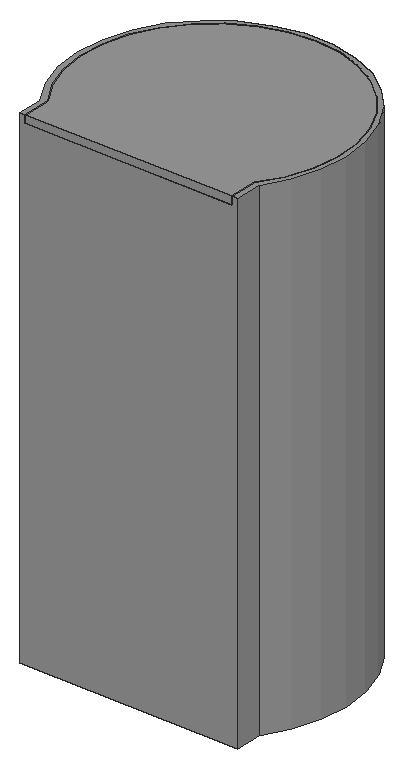
Revit family "3050 Bjørk Soap dispenser", category Furniture Systems, host Wall, Revit 2018
Family settings
  Host = Wall
  Round Connector Dimension = Use Diameter
  Part Type = Normal
  Always vertical = Yes
  Cut with Voids When Loaded = No
  Shared = No
  Room Calculation Point = No
Parameters (values of type "OSLO")
  URL = "http://www.dandryer.dk/da-dk/produkter/produktserie-%E2%80%93-bjork/3050-bjork-dispenser-flydende-saebe-desinfektion--hvid"
  Type Image = <None>
  Surface Top = OSLO
  Surface Front = WHITE
  Model = "Björk-3050"
  Manufacturer = "Dan Dryer"
  Description = "Touch-free soap dispenserTouch-free soap dispenser"
  Cost = 0
Types (6, lengths in mm): name | Surface Top | Description
  BIRK | BIRK | "Touch-free soap dispenser"
  GEO WHITE | GEO WHITE | "Touch-free soap dispenser"
  GRIGIO LONDRA | GRIGIO LONDRA | "Touch-free soap dispenser"
  NEGRO INGO | NEGRO INGO | "Touch-free soap dispenser"
  OSLO | OSLO | "Touch-free soap dispenserTouch-free soap dispenser"
  BIANCO MALE | BIANCO MALE | "Touch-free soap dispenser"
Reference planes
  plane 1 "Wall": y = 0
  plane 2 "Center (Left/Right)": x = 125
  plane 3 "Back": y = 75
Forms (mm)
  Extrusion 1, solid, material "WHITE", not visible
    sketch origin (0, 0, 0) x (1, 0, 0) y (0, 1, 0)
      loop
        arc (42.212, 95.366) -> (42.426, 94.946) -> (42.5, 94.481) r 1.5
        line (42.5, 94.481) -> (42.5, 75.3) -> (43.7, 75.3) -> (43.7, 94.481)
        arc (43.7, 94.481) -> (43.567, 95.318) -> (43.181, 96.073) r 2.7
        arc (43.181, 96.073) -> (125, 257.1) -> (206.819, 96.073) r 101.3
        arc (206.819, 96.073) -> (206.433, 95.318) -> (206.3, 94.481) r 2.7
        line (206.3, 94.481) -> (206.3, 75.3) -> (207.5, 75.3) -> (207.5, 94.481)
        arc (207.5, 94.481) -> (207.574, 94.946) -> (207.788, 95.366) r 1.5
        arc (207.788, 95.366) -> (125, 258.3) -> (42.212, 95.366) r 102.5
    from 900 to 1230
  Extrusion 2, void, not visible
    sketch origin (207.5, 94.481, 0) x (0, 1, 0) y (0, 0, -1)
      loop
        line (-19.181, -1225) -> (-19.181, -1230) -> (6.154, -1230)
        arc (6.154, -1230) -> (3.068, -1228.36) -> (2.105, -1225) r 4.47
        line (2.105, -1225) -> (-19.181, -1225)
    from -10.952 to 170.161
  Extrusion 3, void, not visible
    sketch origin (207.5, 94.481, 2130) x (0, 1, 0) y (0, 0, -1)
      loop
        line (-19.181, 1225) -> (2.105, 1225)
        arc (2.105, 1225) -> (3.068, 1228.36) -> (6.154, 1230) r 4.47
        line (6.154, 1230) -> (-19.181, 1230) -> (-19.181, 1225)
    from -6 to 179.451
  Extrusion 4, solid, not visible
    sketch origin (207.5, 75.3, 907) x (0, 1, 0) y (-1, 0, 0)
      loop
        line (0, 163.8) -> (0, 1.2) -> (19.181, 1.2)
        arc (19.181, 1.2) -> (20.018, 1.067) -> (20.773, 0.681) r 2.7
        arc (20.773, 0.681) -> (181.8, 82.5) -> (20.773, 164.319) r 101.3
        arc (20.773, 164.319) -> (20.018, 163.933) -> (19.181, 163.8) r 2.7
        line (19.181, 163.8) -> (0, 163.8)
    from 0 to -2
  Extrusion 5, void, not visible
    sketch origin (206.3, 75.3, 0) x (-1, 0, 0) y (0, 0, 1)
      loop
        arc (83.312, 976) -> (81.303, 978.014) -> (79.288, 976) r 2.012
        line (79.288, 976) -> (79.285, 930)
        arc (79.285, 930) -> (81.297, 927.986) -> (83.312, 930) r 2.012
        line (83.312, 930) -> (83.312, 976)
    from 174.915 to 189.234
  Extrusion 6, solid, not visible
    sketch origin (206.3, 75.3, 0) x (1, 0, 0) y (0, 0, 1)
      loop
        line (-83.312, 975.984) -> (-83.312, 930)
        arc (-83.312, 930) -> (-81.291, 928.118) -> (-79.287, 930.016) r 2.015
        line (-79.287, 930.016) -> (-79.288, 976)
        arc (-79.288, 976) -> (-81.309, 977.882) -> (-83.312, 975.984) r 2.015
    from -182.98 to -174.915
  Extrusion 7, solid, material "Mat Sort", not visible
    sketch origin (0, 0, 0) x (1, 0, 0) y (0, 1, 0)
      loop
        arc (42.212, 95.366) -> (42.426, 94.946) -> (42.5, 94.481) r 1.5
        line (42.5, 94.481) -> (42.5, 75.3) -> (43.7, 75.3) -> (43.7, 94.481)
        arc (43.7, 94.481) -> (43.567, 95.318) -> (43.181, 96.073) r 2.7
        arc (43.181, 96.073) -> (125, 257.1) -> (206.819, 96.073) r 101.3
        arc (206.819, 96.073) -> (206.433, 95.318) -> (206.3, 94.481) r 2.7
        line (206.3, 94.481) -> (206.3, 75.3) -> (207.5, 75.3) -> (207.5, 94.481)
        arc (207.5, 94.481) -> (207.574, 94.946) -> (207.788, 95.366) r 1.5
        arc (207.788, 95.366) -> (125, 258.3) -> (42.212, 95.366) r 102.5
    from 900 to 1230
Text (mm)
  text "Placement Side" at (-1848.837, 1116.779, 0), in view "Ref. Level"
  text "Placement side" at (0, 1409.804, 2854.306), in view "Left"
  text "Placement side" at (0, 499.811, 2980.732), in view "Right"
Dimensions and locks
  locked: plane 3 "Back" to host wall
  aligned and locked: plane 1 "Wall" to host wall
  aligned and locked: plane 3 "Back" to nested 1  (x2)
Nested families
  nested 1: "Master Soap dispenser" at (125, 75, 1100), type "Master Soap dispenser"
Definition of nested family "Master Soap dispenser"
  Parameters (values of type "Master Soap dispenser")
    Surface Top = none
    Surface Front = none
  Reference planes
    plane 1 "Center (Front/Back)": y = 0
    plane 2: z = 0
    plane 3 "Center (Left/Right)": x = 0
  Forms (mm)
    Extrusion 1, solid, material <- "Surface Front"
      sketch origin (0, 0, 0) x (1, 0, 0) y (0, 1, 0)
        loop
          line (-72.636, 16.842) -> (-72.636, 0) -> (73.262, 0) -> (73.262, 17.709)
          arc (73.262, 17.709) -> (-0.534, 159.71) -> (-72.636, 16.842) r 89.899
      from 0 to 330
    Extrusion 2, solid, material <- "Surface Top"
      sketch origin (0, 0, 330) x (1, 0, 0) y (0, 1, 0)
        loop
          arc (69.262, 19.017) -> (0, 156.8) -> (-69.261, 19.017) r 86.3
          line (-69.261, 19.017) -> (-69.261, 0) -> (69.262, 0) -> (69.262, 19.017)
      from 0 to -5
    Extrusion 3, void
      sketch origin (0, 0, 0) x (1, 0, 0) y (0, 1, 0)
        loop
          line (-69.261, 0) -> (69.262, 0) -> (69.262, 19.017)
          arc (69.262, 19.017) -> (0, 156.8) -> (-69.261, 19.017) r 86.3
          line (-69.261, 19.017) -> (-69.261, 0)
      from 325 to 330
  Cuts and joins
    Extrusion 3 cuts Extrusion 1
  Dimensions and locks
    aligned and locked: level to plane 2
